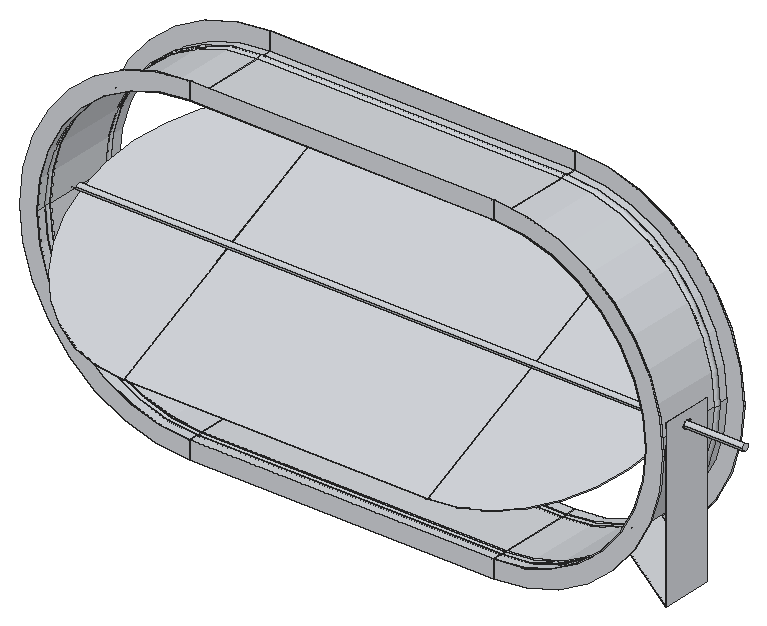
Revit family "RI-F-O", category Mechanical Equipment, Revit 2015
Parameters
  Void Radius [instance] = Radius - 0' 0 5/256"  # 0' - 11 251/256"
  URL = "https://unitedenertech.com/catalog/pdf/D_2%20Model%20RI-F-O.pdf"
  Type Comments = "Max. Size is (66\" Major Axis)"
  Radius [instance] = 0.5 * Minor Axis  # 1' - 0"
  Model = "RI-F-O"
  Manufacturer = "United Enertech Corporation"
  Major Axis = 4' - 0"
  Keynote = "Shaft options set to visibility parameters, correct shaft and size will appear when loaded into project."
  Inner Radius [instance] = Radius - 0' 0 9/256"  # 0' - 11 247/256"
  Flange O.D. [instance] = Radius + 0' 1 3/8"  # 1' - 1 3/8"
  Minor Axis = 2' - 0"
  Description = "Oval Flanged Control Damper"
  Depth = 0' - 8"
  Blade Radius [instance] = Inner Radius - 0' 0 3/8"  # 0' - 11 151/256"
  Blade Diameter [instance] = Blade Radius * 2  # 1' - 11 23/128"
  3/4" Shaft Visibility [instance] = if(Minor Axis > 2' 8 115/128", 2 > 1, 1 > 2)  # no
  1/2" Shaft Visibility [instance] = if(Minor Axis < 2' 8 115/128", 2 > 1, 1 > 2)  # yes
Reference planes (in)
  plane 1 "Center (Front/Back)": y = 0
  plane 2: z = 0
  plane 3 "Center (Left/Right)": x = 0
  plane 4: x = -36
  plane 5: x = 12
  plane 6: y = 8
  plane 7: y = 7
  plane 8: y = 1
  plane 9: x = -36.6
  plane 10: x = 16.64655
  plane 11: x = 12.0359
  plane 12: y = 6
  plane 13: y = 2
  plane 14: x = -37.375
  plane 15: x = 13.375
  plane 16: y = 0.03516
  plane 17: y = 7.96484
  plane 18: z = 12
  plane 19: z = -12
  plane 20: x = -24
  plane 21: x = -12
  plane 22: z = 11.96484
  plane 23: z = -11.96484
  plane 24: z = 13.375
  plane 25: z = -13.375
  plane 26: y = 4.01758
  plane 27: y = 3.98242
  plane 28: z = -11.58984
  plane 29: z = 11.58984
  plane 30: y = 4
  plane 31: through (0, 4.00743, -0.01593) normal (0, -0.4226, 0.9063)
  plane 32: through (0, 3.99257, 0.01593) normal (0, -0.4226, 0.9063)
  plane 33: through (0, 4, 0) normal (0, -0.4226, 0.9063)
Forms (in)
  Extrusion 1, solid
    sketch origin (0, 0, 0) x (1, 0, 0) y (0, 0, 1)
      loop
        circle (0, 0) r 12
      loop
        circle (0, 0) r 11.96484
    from 0 to -8
  Sweep 2, solid
    path origin (0, 1, 0) x (1, 0, 0) y (0, 0, 1)
      loop
        circle (0, 0) r 12
    profile "Bead Sweep : Bead Sweep" origin (0, 1, 12) x (0, 0, -1) y (0, -1, 0)
      loop
        arc (0, 0.279) -> (-0.12, 0) -> (0, -0.279) r 0.38434
        line (0, -0.279) -> (0, 0.279)
  Sweep 3, solid
    path origin (0, 7, 0) x (1, 0, 0) y (0, 0, 1)
      loop
        circle (0, 0) r 12
    profile "Bead Sweep : Bead Sweep" origin (0, 7, 12) x (0, 0, -1) y (0, -1, 0)
      loop
        arc (0, 0.279) -> (-0.12, 0) -> (0, -0.279) r 0.38434
        line (0, -0.279) -> (0, 0.279)
  Sweep 4, void
    path origin (0, 1, 0) x (1, 0, 0) y (0, 0, 1)
      loop
        circle (0, 0) r 11.98047
    profile "Bead Void Sweep : Bead Void Sweep" origin (0, 1, 11.98047) x (0, 0, -1) y (0, -1, 0)
      loop
        arc (0.15416, 0.3555) -> (-0.0841, 0) -> (0.15416, -0.3555) r 0.38434
        line (0.15416, -0.3555) -> (0.15416, 0.3555)
  Sweep 5, void
    path origin (0, 7, 0) x (1, 0, 0) y (0, 0, 1)
      loop
        circle (0, 0) r 11.98047
    profile "Bead Void Sweep : Bead Void Sweep" origin (0, 7, 11.98047) x (0, 0, -1) y (0, -1, 0)
      loop
        arc (0.15416, 0.3555) -> (-0.0841, 0) -> (0.15416, -0.3555) r 0.38434
        line (0.15416, -0.3555) -> (0.15416, 0.3555)
  Extrusion 6, solid, visible <- "1/2" Shaft Visibility"
    sketch origin (0, 0, 0) x (0, 1, 0) y (0, 0, 1)
      loop
        circle (4, 0) r 0.25
    from -36.6 to 16.64655
  Extrusion 7, solid, visible <- "3/4" Shaft Visibility"
    sketch origin (0, 0, 0) x (0, 1, 0) y (0, 0, 1)
      loop
        circle (4, 0) r 0.375
    from -36.6 to 16.64655
  Extrusion 8, solid
    sketch origin (0, 22.75673, 12.99985) x (0, 1, 0) y (0, 0, 1)
      loop
        line (-16.75673, -11.99985) -> (-20.75673, -11.99985) -> (-20.75673, -24.99985) -> (-16.75673, -24.99985) -> (-16.75673, -11.99985)
      loop
        circle (-18.75673, -12.99985) r 0.375
    from 12 to 12.0359
  Extrusion 9, solid
    sketch origin (0, 0, 0) x (1, 0, 0) y (0, 0, 1)
      loop
        line (12, -12) -> (12, -11.95269) -> (0, -0.55027) -> (0, -0.59758) -> (12, -12)
    from -6 to -2
  Extrusion 10, void
    sketch origin (-47.63577, 0, 15.85201) x (1, 0, 0) y (0, 0, 1)
      loop
        circle (47.63577, -15.85201) r 12
    from -13.1442 to 3.21369
  Extrusion 11, solid
    sketch origin (0, 0, 0) x (1, 0, 0) y (0, 0, 1)
      loop
        circle (0, 0) r 13.375
      loop
        circle (0, 0) r 12
    from -0.03516 to 0
  Extrusion 12, solid
    sketch origin (0, 0, 0) x (1, 0, 0) y (0, 0, 1)
      loop
        circle (0, 0) r 13.375
      loop
        circle (0, 0) r 12
    from -8 to -7.96484
  Extrusion 13, solid
    sketch origin (-72, 0, 0) x (-1, 0, 0) y (0, 0, -1)
      loop
        circle (-48, 0) r 12
      loop
        circle (-48, 0) r 11.96484
    from 0 to -8
  Sweep 14, solid
    path origin (-72, 1, 0) x (-1, 0, 0) y (0, 0, -1)
      loop
        circle (-48, 0) r 12
    profile "Bead Sweep : Bead Sweep" origin (-24, 1, 12) x (0, 0, 1) y (0, -1, 0)
      loop
        line (0, 0.279) -> (0, -0.279)
        arc (0, -0.279) -> (0.12, 0) -> (0, 0.279) r 0.38434
  Sweep 15, solid
    path origin (-72, 7, 0) x (-1, 0, 0) y (0, 0, -1)
      loop
        circle (-48, 0) r 12
    profile "Bead Sweep : Bead Sweep" origin (-24, 7, 12) x (0, 0, 1) y (0, -1, 0)
      loop
        line (0, 0.279) -> (0, -0.279)
        arc (0, -0.279) -> (0.12, 0) -> (0, 0.279) r 0.38434
  Sweep 16, void
    path origin (-72, 1, 0) x (-1, 0, 0) y (0, 0, -1)
      loop
        circle (-48, 0) r 11.98047
    profile "Bead Void Sweep : Bead Void Sweep" origin (-24, 1, 11.98047) x (0, 0, 1) y (0, -1, 0)
      loop
        line (-0.15416, 0.3555) -> (-0.15416, -0.3555)
        arc (-0.15416, -0.3555) -> (0.0841, 0) -> (-0.15416, 0.3555) r 0.38434
  Sweep 17, void
    path origin (-72, 7, 0) x (-1, 0, 0) y (0, 0, -1)
      loop
        circle (-48, 0) r 11.98047
    profile "Bead Void Sweep : Bead Void Sweep" origin (-24, 7, 11.98047) x (0, 0, 1) y (0, -1, 0)
      loop
        line (-0.15416, 0.3555) -> (-0.15416, -0.3555)
        arc (-0.15416, -0.3555) -> (0.0841, 0) -> (-0.15416, 0.3555) r 0.38434
  Extrusion 18, solid
    sketch origin (-72, 0, 0) x (-1, 0, 0) y (0, 0, -1)
      loop
        circle (-48, 0) r 13.375
      loop
        circle (-48, 0) r 12
    from -0.03516 to 0
  Extrusion 19, solid
    sketch origin (-72, 0, 0) x (-1, 0, 0) y (0, 0, -1)
      loop
        circle (-48, 0) r 13.375
      loop
        circle (-48, 0) r 12
    from -8 to -7.96484
  Extrusion 20, void
    sketch origin (0, 0, 0) x (1, 0, 0) y (0, 0, 1)
      loop
        line (-37.375, -69.27448) -> (0, -69.27448) -> (0, 80.70303) -> (-37.375, 80.70303) -> (-37.375, -69.27448)
    from 97.74116 to -140.40789
  Extrusion 21, void
    sketch origin (0, 0, 0) x (1, 0, 0) y (0, 0, 1)
      loop
        line (-24, -69.27448) -> (16.64655, -69.27448) -> (16.64655, 80.70303) -> (-24, 80.70303) -> (-24, -69.27448)
    from 91.05841 to -117.92954
  Extrusion 22, solid
    sketch origin (0, 0, 0) x (1, 0, 0) y (0, 0, 1)
      loop
        line (-24, -12) -> (0, -12) -> (0, -11.96484) -> (-24, -11.96484) -> (-24, -12)
    from -8 to 0
  Extrusion 23, solid
    sketch origin (0, 0, 19) x (1, 0, 0) y (0, 0, 1)
      loop
        line (-24, -7.03516) -> (0, -7.03516) -> (0, -7) -> (-24, -7) -> (-24, -7.03516)
    from -8 to 0
  Extrusion 24, solid
    sketch origin (0, 0, 0) x (1, 0, 0) y (0, 0, 1)
      loop
        line (-24, 12) -> (0, 12) -> (0, 13.375) -> (-24, 13.375) -> (-24, 12)
    from -0.03516 to 0
  Extrusion 25, solid
    sketch origin (0, 0, 0) x (1, 0, 0) y (0, 0, 1)
      loop
        line (-24, 12) -> (0, 12) -> (0, 13.375) -> (-24, 13.375) -> (-24, 12)
    from -8 to -7.96484
  Extrusion 26, solid
    sketch origin (0, 0, 0) x (1, 0, 0) y (0, 0, 1)
      loop
        line (-24, -12) -> (-24, -13.375) -> (0, -13.375) -> (0, -12) -> (-24, -12)
    from -0.03516 to 0
  Extrusion 27, solid
    sketch origin (0, 0, 0) x (1, 0, 0) y (0, 0, 1)
      loop
        line (-24, -12) -> (-24, -13.375) -> (0, -13.375) -> (0, -12) -> (-24, -12)
    from -8 to -7.96484
  Extrusion 28, solid
    sketch origin (0, 0, 0) x (0, 1, 0) y (0, 0, 1)
      loop
        line (0.721, 12) -> (1.279, 12)
        arc (1.279, 12) -> (1, 12.12) -> (0.721, 12) r 0.38434
    from -24 to 0
  Extrusion 29, solid
    sketch origin (0, 8, 0) x (0, -1, 0) y (0, 0, -1)
      loop
        arc (0.721, -12) -> (1, -12.12) -> (1.279, -12) r 0.38434
        line (1.279, -12) -> (0.721, -12)
    from -24 to 0
  Extrusion 30, solid
    sketch origin (0, 0, 0) x (0, 1, 0) y (0, 0, 1)
      loop
        arc (0.721, -12) -> (1, -12.12) -> (1.279, -12) r 0.38434
        line (1.279, -12) -> (0.721, -12)
    from -24 to 0
  Extrusion 31, solid
    sketch origin (0, 8, 0) x (0, -1, 0) y (0, 0, -1)
      loop
        line (0.721, 12) -> (1.279, 12)
        arc (1.279, 12) -> (1, 12.12) -> (0.721, 12) r 0.38434
    from -24 to 0
  Extrusion 32, void
    sketch origin (0, 0, 0) x (0, 1, 0) y (0, 0, 1)
      loop
        arc (1.32778, 11.88092) -> (1, 12.06457) -> (0.67222, 11.88092) r 0.38434
        line (0.67222, 11.88092) -> (1.32778, 11.88092)
    from -24 to 0
  Extrusion 33, void
    sketch origin (0, 6, 0) x (0, 1, 0) y (0, 0, 1)
      loop
        arc (1.32778, 11.88092) -> (1, 12.06457) -> (0.67222, 11.88092) r 0.38434
        line (0.67222, 11.88092) -> (1.32778, 11.88092)
    from -24 to 0
  Extrusion 34, void
    sketch origin (0, 0, 0) x (0, 1, 0) y (0, 0, 1)
      loop
        line (1.32778, -11.88092) -> (0.67222, -11.88092)
        arc (0.67222, -11.88092) -> (1, -12.06457) -> (1.32778, -11.88092) r 0.38434
    from -24 to 0
  Extrusion 35, void
    sketch origin (0, 6, 0) x (0, 1, 0) y (0, 0, 1)
      loop
        line (1.32778, -11.88092) -> (0.67222, -11.88092)
        arc (0.67222, -11.88092) -> (1, -12.06457) -> (1.32778, -11.88092) r 0.38434
    from -24 to 0
  Extrusion 36, solid
    sketch origin (0, 2.30953, 3.62523) x (1, 0, 0) y (0, 0.906308, 0.422618)
      loop
        circle (-24, 0) r 11.58984
    from -4.01758 to -3.98242
  Extrusion 37, solid
    sketch origin (0, 2.30953, 3.62523) x (1, 0, 0) y (0, 0.906308, 0.422618)
      loop
        circle (0, 0) r 11.58984
    from -4.01758 to -3.98242
  Extrusion 38, solid
    sketch origin (0, 0, 0) x (0, 1, 0) y (0, 0, 1)
      loop
        line (4.00743, -0.01593) -> (3.99257, 0.01593) -> (-6.51139, -4.88215) -> (-6.49654, -4.91401) -> (4.00743, -0.01593)
    from -24 to 0
  Extrusion 39, solid
    sketch origin (0, 0, 0) x (0, 1, 0) y (0, 0, 1)
      loop
        line (4.00743, -0.01593) -> (14.51139, 4.88215) -> (14.49654, 4.91401) -> (3.99257, 0.01593) -> (4.00743, -0.01593)
    from -24 to 0
Cuts and joins
  Sweep 4, Sweep 5, Sweep 16, Sweep 17, Extrusion 20, Extrusion 32 cuts Extrusion 1
  Sweep 5, Extrusion 20, Extrusion 33, Extrusion 34 cuts Sweep 2
  Extrusion 10 cuts Extrusion 9
  Sweep 16, Sweep 17, Extrusion 21 cuts Extrusion 13
  Sweep 16, Extrusion 21 cuts Sweep 14
  Sweep 17, Extrusion 21 cuts Sweep 15
  Extrusion 21 cuts Extrusion 18
  Extrusion 21 cuts Extrusion 19
  Extrusion 20 cuts Extrusion 11
  Extrusion 20 cuts Extrusion 12
  Extrusion 20, Extrusion 35 cuts Sweep 3
  Extrusion 32, Extrusion 33, Extrusion 34, Extrusion 35 cuts Extrusion 23
  Extrusion 32, Extrusion 33, Extrusion 34 cuts Extrusion 28
  Extrusion 33, Extrusion 35 cuts Extrusion 29
  Extrusion 34, Extrusion 35 cuts Extrusion 22
  Extrusion 35 cuts Extrusion 31
  Extrusion 34 cuts Extrusion 30
  Extrusion 21 cuts Extrusion 36
  Extrusion 20 cuts Extrusion 37
Dimensions and locks (in)
  "Depth": plane 6 to plane 1 "Center (Front/Back)"
  locked: plane 8 to plane 1 "Center (Front/Back)" at 1
  locked: plane 6 to plane 7 at 1
  locked: plane 9 to plane 4 at 0.6
  locked: plane 5 to plane 10 at 4.64655
  locked: plane 5 to plane 11 at 0.0359
  locked: plane 14 to plane 4 at 1.375
  locked: plane 5 to plane 15 at 1.375
  locked: plane 1 "Center (Front/Back)" to plane 16 at 0.03516
  locked: plane 6 to plane 17 at 0.03516
  equal spacing: plane 18, level, plane 19
  "Minor Axis": plane 18 to plane 19
  "Radius": plane 4 to plane 20
  "Radius": plane 5 to plane 3 "Center (Left/Right)"
  equal spacing: plane 4, plane 21, plane 5
  "Major Axis": plane 4 to plane 5
  locked: plane 18 to plane 22 at 0.03516
  locked: plane 23 to plane 19 at 0.03516
  locked: plane 24 to plane 18 at 1.375
  locked: plane 19 to plane 25 at 1.375
  locked: plane 18 to plane 29 at 0.41016
  locked: plane 28 to plane 19 at 0.41016
  "Blade Radius": Extrusion 38 sketch curve to Extrusion 38 sketch curve
  "Blade Radius": Extrusion 39 sketch curve to Extrusion 39 sketch curve
  "Inner Radius": radius of Extrusion 1 sketch curve
  "Radius": radius of Extrusion 1 sketch curve
  "Radius": radius of Sweep 2 sketch curve
  "Radius": radius of Sweep 3 sketch curve
  "Void Radius": radius of Sweep 4 sketch curve
  "Void Radius": radius of Sweep 5 sketch curve
  "Radius": radius of Extrusion 10 sketch curve
  "Radius": radius of Extrusion 11 sketch curve
  "Flange O.D.": radius of Extrusion 11 sketch curve
  "Radius": radius of Extrusion 12 sketch curve
  "Flange O.D.": radius of Extrusion 12 sketch curve
  "Inner Radius": radius of Extrusion 13 sketch curve
  "Radius": radius of Extrusion 13 sketch curve
  "Radius": radius of Sweep 14 sketch curve
  "Radius": radius of Sweep 15 sketch curve
  "Void Radius": radius of Sweep 16 sketch curve
  "Void Radius": radius of Sweep 17 sketch curve
  "Radius": radius of Extrusion 18 sketch curve
  "Flange O.D.": radius of Extrusion 18 sketch curve
  "Radius": radius of Extrusion 19 sketch curve
  "Flange O.D.": radius of Extrusion 19 sketch curve
  "Blade Radius": radius of Extrusion 36 sketch curve
  "Blade Radius": radius of Extrusion 37 sketch curve
  aligned and locked: level to plane 2
  aligned and locked: plane 6 to Extrusion 1
  aligned and locked: plane 1 "Center (Front/Back)" to Extrusion 1
  aligned and locked: plane 9 to Extrusion 6
  aligned and locked: Extrusion 6 to plane 10
  aligned and locked: plane 9 to Extrusion 7
  aligned and locked: Extrusion 7 to plane 10
  aligned and locked: plane 11 to Extrusion 8
  aligned and locked: Extrusion 8 to plane 5
  aligned and locked: plane 5 to Extrusion 9
  aligned and locked: Extrusion 8 to Extrusion 9
  aligned and locked: Extrusion 9 to Extrusion 8
  aligned and locked: Extrusion 12 to plane 17
  aligned and locked: plane 6 to Extrusion 12
  aligned and locked: plane 16 to Extrusion 11
  aligned and locked: plane 1 "Center (Front/Back)" to Extrusion 11
  aligned and locked: plane 20 to Extrusion 22 sketch curve
  aligned and locked: plane 3 "Center (Left/Right)" to Extrusion 22 sketch curve
  aligned and locked: Extrusion 22 sketch curve to plane 19
  aligned and locked: Extrusion 22 sketch curve to plane 23
  aligned and locked: plane 6 to Extrusion 22
  aligned and locked: plane 1 "Center (Front/Back)" to Extrusion 22
  aligned and locked: plane 18 to Extrusion 23 sketch curve
  aligned and locked: Extrusion 23 sketch curve to plane 22
  aligned and locked: plane 20 to Extrusion 23 sketch curve
  aligned and locked: plane 3 "Center (Left/Right)" to Extrusion 23 sketch curve
  aligned and locked: plane 6 to Extrusion 23
  aligned and locked: plane 1 "Center (Front/Back)" to Extrusion 23
  aligned and locked: plane 24 to Extrusion 24 sketch curve
  aligned and locked: Extrusion 24 sketch curve to plane 18
  aligned and locked: plane 20 to Extrusion 24 sketch curve
  aligned and locked: plane 3 "Center (Left/Right)" to Extrusion 24 sketch curve
  aligned and locked: plane 1 "Center (Front/Back)" to Extrusion 24
  aligned and locked: plane 16 to Extrusion 24
  aligned and locked: Extrusion 25 to plane 17
  aligned and locked: plane 6 to Extrusion 25
  aligned and locked: Extrusion 27 to plane 17
  aligned and locked: plane 6 to Extrusion 27
  aligned and locked: plane 20 to Extrusion 28
  aligned and locked: plane 3 "Center (Left/Right)" to Extrusion 28
  aligned and locked: plane 20 to Extrusion 30
  aligned and locked: plane 20 to Extrusion 29
  aligned and locked: plane 20 to Extrusion 31
  aligned and locked: plane 20 to Extrusion 32
  aligned and locked: plane 3 "Center (Left/Right)" to Extrusion 32
  aligned and locked: plane 20 to cut or joined group of Extrusion 23, Extrusion 32, Extrusion 33, Extrusion 34, Extrusion 35
  aligned and locked: plane 20 to cut or joined group of Extrusion 22, Extrusion 34, Extrusion 35  (x2)
  aligned and locked: plane 20 to Extrusion 38
  aligned and locked: plane 3 "Center (Left/Right)" to Extrusion 38
  aligned and locked: plane 3 "Center (Left/Right)" to Extrusion 39
  aligned and locked: plane 20 to Extrusion 39
Automatic sketch dimensions
  Extrusion 1 sketch curve to Extrusion 1 sketch curve = 0' - 0"  (x2)
  Extrusion 1 sketch curve to level = 0' - 0"
  Extrusion 1 sketch curve to plane 3 "Center (Left/Right)" = 0' - 0"
  Sweep 2 sketch curve to level = 0' - 0"
  Sweep 2 sketch curve to plane 3 "Center (Left/Right)" = 0' - 0"
  Sweep 3 sketch curve to level = 0' - 0"
  Sweep 3 sketch curve to plane 3 "Center (Left/Right)" = 0' - 0"
  Sweep 4 sketch curve to level = 0' - 0"
  Sweep 4 sketch curve to plane 3 "Center (Left/Right)" = 0' - 0"
  Sweep 5 sketch curve to level = 0' - 0"
  Sweep 5 sketch curve to plane 3 "Center (Left/Right)" = 0' - 0"
  Extrusion 6 sketch curve to level = 0' - 0"
  plane 12 to Extrusion 6 sketch curve = 0' - 2"
  Extrusion 7 sketch curve to level = 0' - 0"
  plane 12 to Extrusion 7 sketch curve = 0' - 2"
  Extrusion 8 sketch curve to plane 13 = 0' - 0"
  Extrusion 8 sketch curve to level = 0' - 0"
  Extrusion 8 sketch curve to plane 12 = 0' - 0"
  Extrusion 8 sketch curve to plane 19 = 0' - 0"
  plane 12 to Extrusion 8 sketch curve = 0' - 2"
  level to Extrusion 8 sketch curve = 0' - 1"
  Extrusion 9 sketch curve to plane 3 "Center (Left/Right)" = 0' - 0"
  plane 5 to Extrusion 9 sketch curve = 0' - 0"
  Extrusion 9 sketch curve to plane 19 = 0' - 0"
  Extrusion 9 sketch curve to plane 23 = 0' - 0.01215"
  Extrusion 9 sketch curve to level = 0' - 0.59758"
  Extrusion 9 sketch curve to Extrusion 9 sketch curve = 0' - 0.04731"
  Extrusion 10 sketch curve to level = 0' - 0"
  Extrusion 10 sketch curve to plane 3 "Center (Left/Right)" = 0' - 0"
  Extrusion 11 sketch curve to Extrusion 11 sketch curve = 0' - 0"  (x2)
  Extrusion 11 sketch curve to level = 0' - 0"
  Extrusion 11 sketch curve to plane 3 "Center (Left/Right)" = 0' - 0"
  Extrusion 12 sketch curve to Extrusion 12 sketch curve = 0' - 0"  (x2)
  Extrusion 12 sketch curve to level = 0' - 0"
  Extrusion 12 sketch curve to plane 3 "Center (Left/Right)" = 0' - 0"
  Extrusion 13 sketch curve to Extrusion 13 sketch curve = 0' - 0"  (x2)
  Extrusion 13 sketch curve to level = 0' - 0"
  plane 20 to Extrusion 13 sketch curve = 0' - 0"
  Sweep 14 sketch curve to level = 0' - 0"
  plane 20 to Sweep 14 sketch curve = 0' - 0"
  Sweep 15 sketch curve to level = 0' - 0"
  plane 20 to Sweep 15 sketch curve = 0' - 0"
  Sweep 16 sketch curve to level = 0' - 0"
  plane 20 to Sweep 16 sketch curve = 0' - 0"
  Sweep 17 sketch curve to level = 0' - 0"
  plane 20 to Sweep 17 sketch curve = 0' - 0"
  Extrusion 18 sketch curve to Extrusion 18 sketch curve = 0' - 0"  (x2)
  Extrusion 18 sketch curve to level = 0' - 0"
  plane 20 to Extrusion 18 sketch curve = 0' - 0"
  Extrusion 19 sketch curve to Extrusion 19 sketch curve = 0' - 0"  (x2)
  Extrusion 19 sketch curve to level = 0' - 0"
  plane 20 to Extrusion 19 sketch curve = 0' - 0"
  Extrusion 20 sketch curve to plane 14 = 0' - 0"
  Extrusion 20 sketch curve to plane 3 "Center (Left/Right)" = 0' - 0"
  plane 25 to Extrusion 20 sketch curve = 4' - 7.89948"
  plane 24 to Extrusion 20 sketch curve = 5' - 7.32803"
  Extrusion 21 sketch curve to plane 20 = 0' - 0"
  plane 10 to Extrusion 21 sketch curve = 0' - 0"
  plane 25 to Extrusion 21 sketch curve = 4' - 7.89948"
  plane 24 to Extrusion 21 sketch curve = 5' - 7.32803"
  plane 20 to Extrusion 25 sketch curve = 0' - 0"
  Extrusion 25 sketch curve to plane 3 "Center (Left/Right)" = 0' - 0"
  Extrusion 25 sketch curve to plane 18 = 0' - 0"
  Extrusion 25 sketch curve to plane 24 = 0' - 0"
  plane 20 to Extrusion 26 sketch curve = 0' - 0"
  Extrusion 26 sketch curve to plane 3 "Center (Left/Right)" = 0' - 0"
  Extrusion 26 sketch curve to plane 19 = 0' - 0"
  Extrusion 26 sketch curve to plane 25 = 0' - 0"
  plane 20 to Extrusion 27 sketch curve = 0' - 0"
  Extrusion 27 sketch curve to plane 3 "Center (Left/Right)" = 0' - 0"
  Extrusion 27 sketch curve to plane 19 = 0' - 0"
  Extrusion 27 sketch curve to plane 25 = 0' - 0"
  Extrusion 28 sketch curve to plane 18 = 0' - 0"
  Extrusion 28 sketch curve to plane 8 = 0' - 0"
  plane 8 to Extrusion 28 sketch curve = 0' - 0.279"
  Extrusion 28 sketch curve to plane 22 = 0' - 0.22918"
  Extrusion 29 sketch curve to plane 18 = 0' - 0"
  Extrusion 29 sketch curve to plane 7 = 0' - 0"
  plane 7 to Extrusion 29 sketch curve = 0' - 0.279"
  plane 22 to Extrusion 29 sketch curve = 0' - 0.22918"
  Extrusion 30 sketch curve to plane 19 = 0' - 0"
  Extrusion 30 sketch curve to plane 8 = 0' - 0"
  Extrusion 30 sketch curve to plane 8 = 0' - 0.279"
  plane 23 to Extrusion 30 sketch curve = 0' - 0.22918"
  Extrusion 31 sketch curve to plane 19 = 0' - 0"
  Extrusion 31 sketch curve to plane 7 = 0' - 0"
  Extrusion 31 sketch curve to plane 7 = 0' - 0.279"
  Extrusion 31 sketch curve to plane 23 = 0' - 0.22918"
  Extrusion 32 sketch curve to plane 8 = 0' - 0"
  Extrusion 32 sketch curve to plane 22 = 0' - 0.08392"
  plane 8 to Extrusion 32 sketch curve = 0' - 0.32778"
  Extrusion 32 sketch curve to plane 22 = 0' - 0.28461"
  Extrusion 33 sketch curve to plane 7 = 0' - 0"
  Extrusion 33 sketch curve to plane 22 = 0' - 0.08392"
  plane 7 to Extrusion 33 sketch curve = 0' - 0.32778"
  Extrusion 33 sketch curve to plane 22 = 0' - 0.28461"
  Extrusion 34 sketch curve to plane 8 = 0' - 0"
  plane 23 to Extrusion 34 sketch curve = 0' - 0.08392"
  Extrusion 34 sketch curve to plane 8 = 0' - 0.32778"
  plane 23 to Extrusion 34 sketch curve = 0' - 0.28461"
  Extrusion 35 sketch curve to plane 7 = 0' - 0"
  plane 23 to Extrusion 35 sketch curve = 0' - 0.08392"
  Extrusion 35 sketch curve to plane 7 = 0' - 0.32778"
  plane 23 to Extrusion 35 sketch curve = 0' - 0.28461"
  Extrusion 36 sketch curve to plane 20 = 0' - 0"
  Extrusion 37 sketch curve to plane 3 "Center (Left/Right)" = 0' - 0"
  Extrusion 38 sketch curve to plane 32 = 0' - 0"  (x2)
  Extrusion 38 sketch curve to plane 31 = 0' - 0"
  Extrusion 38 sketch curve to plane 30 = 0' - 0.00743"
  Extrusion 39 sketch curve to plane 32 = 0' - 0"
  Extrusion 39 sketch curve to plane 31 = 0' - 0"
  Extrusion 39 sketch curve to plane 30 = 0' - 0.00743"
  plane 32 to Extrusion 39 sketch curve = 0' - 0"
  radius of Extrusion 6 sketch curve = 0' - 0 1/4"
  radius of Extrusion 7 sketch curve = 0' - 0 3/8"
  radius of Extrusion 8 sketch curve = 0' - 0 3/8"
